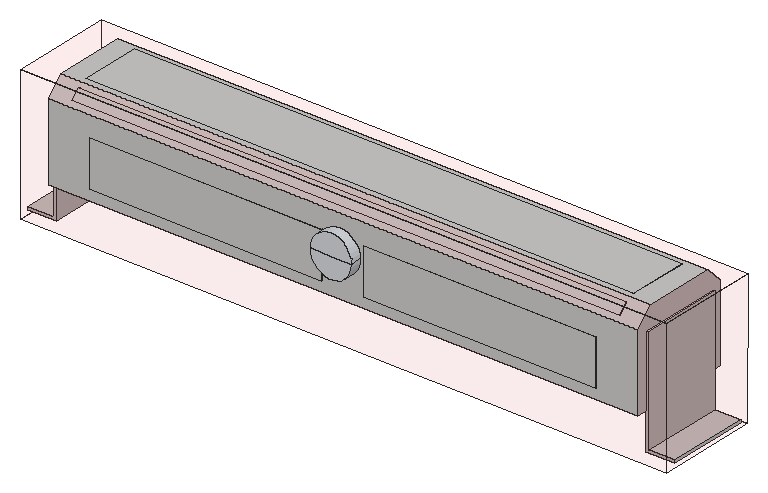
Revit family "Air-Curtain_Window-PassThru_PoweredAire_PTW", category Mechanical Equipment, host Face, Revit 2019
Family settings
  Host = Face
  Round Connector Dimension = Use Diameter
  Part Type = Normal
  OmniClass Number = 23.75.35.17.21
  OmniClass Title = Air Curtains
  Cut with Voids When Loaded = No
  Shared = No
  Room Calculation Point = No
Parameters (values of type "Elec Heat")
  Warranty Duration (Years) = 0
  Mounting Above Unit [instance] = not(Mounting Behind Unit)  # no
  Unit Width Notes = "Other Widths available."  # constant formula
  Unit Width = 2' - 7 1/4"
  Unit Weight = 21
  Unit Height = 0' - 4 15/16"
  Unit Depth = 0' - 4 1/2"
  URL = "http://www.poweredaire.com/"
  Test Data = ""
  Standards Conformance = "ETL  ;  Made in USA"
  Specification = "http://www.arcat.com/sdspecs/htm04/23_34_33pai.htm"
  SpecWizard = ""
  Sound Pressure = "50 dBA"
  Sales Information = "http://www.poweredaire.com/contact_us"
  Revision = "R1_2016-08"
  Projection from Host [instance] = 0' - 2"
  Product Properties = ""
  Product Data = "http://www.arcat.com/arcatcos/cos47/arc47623.html"
  Power Rating = 107 W
  Nozzle Width = if(1 = 1, Unit Width - 0' 1", 0' 0")  # 2' - 6 1/4"
  Mounting Width = if(1 = 1, Unit Width - 0' 0 15/16", 0' 0")  # 2' - 6 5/16"
  Mounting Height [instance] = 3' - 6"
  Mounting Behind Unit [instance] = yes
  Model = "PTW-24E"
  Max Height = 3' - 6"
  Manufacturer Website = "http://www.poweredaire.com/"
  Manufacturer Phone - Toll Free = "888-321-2473"
  Manufacturer Phone = "724-588-3305"
  Manufacturer Fax = "724-588-3371"
  Manufacturer Address = "109 Mortensen Rd.  Greenville, PA 16125"
  Manufacturer = "Powered Aire, Inc"
  Maintenance Schedule (Months) = 0
  Keynote = "23 34 33"
  Installation-Fabrication = ""
  Installation Phase = ""
  Include Clearance [instance] = yes
  Heating Element Load = 1200 W
  HVAC_Temperature Rise = 11 °F
  HVAC_Outlet Volume = 360 CFM
  HVAC_Outlet Velocity Uniformity = 0
  HVAC_Outlet Velocity = 1700 FPM
  Green Building-LEED = "http://www.arcat.com/green/clients/leed_data_47623.html"
  Front Grating Material [instance] = Metal - Steel - PoweredAire - Stainless 304 Perforated
  Frame Finish [instance] = Metal - Steel - PoweredAire - Stainless 304
  Expected Lifespan (Years) = 0
  Electrical_Wattage [instance] = Power Rating + Heating Element Load  # 1307 W
  Electrical_Voltage = 120 V
  Electrical_Phase [instance] = 1
  Electrical_Frequency [instance] = 0 Hz
  Electrical_Amperage = 11.2 A
  Drawn By = "Sumex Design, Inc. / Robert S. Weygant, CSI, CDT, SCIP"
  Description = "Powered Aire Electrically Heated PassThru Window Air Curtain - PTW-24E as Specified"
  Default Elevation = 0' - 0"  # constant formula
  Copyright = "©Arcat Inc."
  Construction Details = "http://www.arcat.com/details/powair/prod3336.html"
  Clearance_Top [instance] = 0' - 0"
  Clearance_Side B [instance] = 0' - 0"
  Clearance_Side A [instance] = 0' - 0"
  Clearance_Intake [instance] = 0' - 0"
  Clearance_Bottom [instance] = 0' - 0"
  Clearance Material [instance] = ARCAT Clearance
  Building Codes = ""
  Available Options [instance] = "as Specified"
  Assembly Code = "D3090400"
Types (2): name | Unit Width | Unit Weight | Nozzle Width | Mounting Width | Model | Heating Element Load | HVAC_Temperature Rise | Electrical_Wattage | Electrical_Amperage | Description
  Elec Heat | 2' - 7 1/4" | 21 | 2' - 6 1/4" | 2' - 6 5/16" | "PTW-24E" | 1200 W | 11 °F | 1307 W | 11.2 A | "Powered Aire Electrically Heated PassThru Window Air Curtain - PTW-24E as Specified"
  Unheated | 2' - 5 1/4" | 13 | 2' - 4 1/4" | 2' - 4 5/16" | "PTW-24" | 0 W | 0 °F | 107 W | 1.7 A | "Powered Aire Unheated PassThru Window Air Curtain - PTW-24 as Specified"
Reference planes (in)
  plane 1 "Center (Elevation)": y = 0.13818
  plane 2: z = 0
  plane 3 "Center (Left/Right)": x = 0
  plane 4: y = 2.60693
  plane 5: y = -2.33057
  plane 6: x = -15.625
  plane 7: x = 15.625
  plane 8: z = 6.5
  plane 9 "FF": y = -41.86182
  plane 10: z = 2
  plane 11: x = 14.25
  plane 12: x = -14.25
  plane 13: y = 2.60693
  plane 14: y = -2.33057
  plane 15: x = -15.625
  plane 16: x = 15.625
  plane 17: z = 6.5
  plane 18: z = 4.25
Forms (in)
  Extrusion 1, solid, material "ARCAT Clearance" <- "Clearance Material", visible <- "Include Clearance"
    sketch origin (0, 0, 0) x (0, 1, 0) y (0, 0, 1)
      loop
        line (-2.33057, 6.5) -> (-2.33057, 0) -> (2.60693, 0) -> (2.60693, 6.5) -> (-2.33057, 6.5)
    from -15.625 to 15.625
  Extrusion 2, solid, material "Metal - Steel - PoweredAire - Stainless 304" <- "Frame Finish"
    sketch origin (0, 0, 0) x (0, 1, 0) y (0, 0, 1)
      loop
        line (-2.33057, 2) -> (2.60693, 2) -> (2.60693, 5.75) -> (1.85693, 6.5) -> (-1.58057, 6.5) -> (-2.33057, 5.75) -> (-2.33057, 2)
    from -14.25 to 14.25
  Extrusion 3, solid, material "Metal - Steel - PoweredAire - Stainless 304" <- "Frame Finish", visible <- "Mounting Behind Unit"
    sketch origin (0, 0.13818, 0) x (1, 0, 0) y (0, 0, 1)
      loop
        line (-14.25, 5.5) -> (-14.375, 5.5) -> (-14.375, 0.375) -> (-15.625, 0.375) -> (-15.625, 0.25) -> (-14.25, 0.25) -> (-14.25, 5.5)
      loop
        line (14.25, 5.5) -> (14.25, 0.25) -> (15.625, 0.25) -> (15.625, 0.375) -> (14.375, 0.375) -> (14.375, 5.5) -> (14.25, 5.5)
    from 2 to -2
  Extrusion 4, solid, material "Metal - Steel - PoweredAire - Stainless 304" <- "Frame Finish", visible <- "Mounting Above Unit"
    sketch origin (0, 4.38818, 4.23682) x (0, -1, 0) y (1, 0, 0)
      loop
        line (5.5, -14.25) -> (0.25, -14.25) -> (0.25, -15.625) -> (0.375, -15.625) -> (0.375, -14.375) -> (5.5, -14.375) -> (5.5, -14.25)
      loop
        line (5.5, 14.25) -> (5.5, 14.375) -> (0.375, 14.375) -> (0.375, 15.625) -> (0.25, 15.625) -> (0.25, 14.25) -> (5.5, 14.25)
    from 2 to -2
  Extrusion 5, solid, material "Metal - Steel - PoweredAire - Stainless 304 Perforated" <- "Front Grating Material"
    sketch origin (0, 1.60693, 6.5) x (0, -1, 0) y (1, 0, 0)
      loop
        line (2.9375, 13.25) -> (0, 13.25) -> (0, -13.25) -> (2.9375, -13.25) -> (2.9375, 13.25)
    from 0 to 0.03125
  Extrusion 6, solid, material "Metal - Steel - PoweredAire - Stainless 304 Perforated" <- "Front Grating Material"
    sketch origin (0, 2.98193, 5.375) x (0, -0.707107, 0.707107) y (1, 0, 0)
      loop
        line (0.78033, -13.25) -> (1.34099, -13.25) -> (1.34099, 13.25) -> (0.78033, 13.25) -> (0.78033, -13.25)
    from 0 to 0.03125
  Extrusion 7, solid, material "Metal - Steel - PoweredAire - Stainless 304 Perforated" <- "Front Grating Material"
    sketch origin (0, -2.64307, 5.4375) x (0, 0.707107, 0.707107) y (-1, 0, 0)
      loop
        line (1.2526, 13.25) -> (0.69194, 13.25) -> (0.69194, -13.25) -> (1.2526, -13.25) -> (1.2526, 13.25)
    from 0 to 0.03125
  Extrusion 8, solid, material "Metal - Steel - PoweredAire - Stainless 304 Perforated" <- "Front Grating Material"
    sketch origin (0, -2.33057, 2) x (0, 0, 1) y (-1, 0, 0)
      loop
        line (2.75, 12.25) -> (0.5, 12.25) -> (0.5, 1) -> (2.75, 1) -> (2.75, 12.25)
      loop
        line (0.5, -12.25) -> (2.75, -12.25) -> (2.75, -1) -> (0.5, -1) -> (0.5, -12.25)
    from 0 to 0.03125
  Revolve 9, solid
    sketch origin (0, -3.61244, 4.25) x (0, -1, 0) y (1, 0, 0)
      loop
        line (-1.28187, 0) -> (-1.28187, -0.25) -> (-1.04725, -0.25) -> (-1.04725, -1) -> (-0.53187, -1) -> (-0.53187, 0) -> (-1.28187, 0)
      axis (-1.28187, 0) -> (-0.53187, 0)
    angle from 0 to 360
Dimensions and locks (in)
  equal spacing: plane 4, plane 1 "Center (Elevation)", plane 5
  "Unit Height": plane 4 to plane 5
  equal spacing: plane 6, plane 3 "Center (Left/Right)", plane 7
  "Unit Width": plane 6 to plane 7
  "Mounting Height": plane 1 "Center (Elevation)" to plane 9 "FF"
  "Projection from Host": plane 10 to level
  "Unit Depth": plane 8 to plane 10
  locked: plane 6 to plane 12 at 1.375
  locked: plane 11 to plane 7 at 1.375
  "Clearance_Side A": plane 7 to plane 16
  "Clearance_Side B": plane 15 to plane 6
  "Clearance_Top": plane 13 to plane 4
  "Clearance_Bottom": plane 5 to plane 14
  "Clearance_Intake": plane 17 to plane 8
  Extrusion 4 sketch curve to Extrusion 4 sketch curve to Extrusion 4 sketch curve to plane 5 = 0' - 0 1/8" locked, 0' - 5 1/8" locked, 0' - 1 7/32" locked  (x2)
  plane 8 to Extrusion 3 sketch curve to Extrusion 3 sketch curve to Extrusion 3 sketch curve = 0' - 1" locked, 0' - 5 1/8" locked, 0' - 0 1/8" locked  (x2)
  plane 12 to Extrusion 3 sketch curve to Extrusion 3 sketch curve to Extrusion 3 sketch curve = 0' - 0" locked, 0' - 0 1/8" locked, 0' - 1 1/4" locked
  Extrusion 3 sketch curve to Extrusion 3 sketch curve to plane 11 to Extrusion 3 sketch curve = 0' - 1 1/4" locked, 0' - 0 1/8" locked, 0' - 0" locked
  plane 11 to Extrusion 4 sketch curve to Extrusion 4 sketch curve to Extrusion 4 sketch curve = 0' - 0" locked, 0' - 0 1/8" locked, 0' - 1 1/4" locked
  Extrusion 4 sketch curve to Extrusion 4 sketch curve to plane 12 to Extrusion 4 sketch curve = 0' - 1 1/4" locked, 0' - 0 1/8" locked, 0' - 0" locked
  locked: plane 3 "Center (Left/Right)" to Extrusion 8 sketch curve at 1
  locked: Extrusion 8 sketch curve to plane 3 "Center (Left/Right)" at 1
  locked: Extrusion 8 sketch curve to plane 12 at 2
  locked: plane 11 to Extrusion 8 sketch curve at 2
  equal spacing: plane 8, plane 18, plane 10
  aligned and locked: plane 2 to host face
  aligned and locked: level to host face
  aligned and locked: Extrusion 1 sketch curve to plane 17
  aligned and locked: plane 14 to Extrusion 1 sketch curve
  aligned and locked: level to Extrusion 1 sketch curve
  aligned and locked: Extrusion 1 sketch curve to plane 13
  aligned and locked: plane 16 to Extrusion 1
  aligned and locked: Extrusion 1 to plane 15
  aligned and locked: Extrusion 2 to plane 12
  aligned and locked: plane 11 to Extrusion 2
Automatic sketch dimensions
  host sketch curve to host sketch curve = 8' - 0"  (x2)
  Extrusion 2 sketch curve to plane 5 = 0' - 0"
  Extrusion 2 sketch curve to plane 8 = 0' - 0"
  Extrusion 2 sketch curve to plane 4 = 0' - 0"
  Extrusion 2 sketch curve to plane 10 = 0' - 0"
  plane 5 to Extrusion 2 sketch curve = 0' - 0 3/4"
  Extrusion 2 sketch curve to plane 4 = 0' - 0 3/4"
  Extrusion 2 sketch curve to plane 8 = 0' - 0 3/4"  (x2)
  Extrusion 2 to Extrusion 5 sketch curve = 0' - 1"  (x2)
  Extrusion 2 to Extrusion 5 sketch curve = 0' - 0 1/4"
  Extrusion 5 sketch curve to Extrusion 2 = 0' - 0 1/4"
  Extrusion 2 to Extrusion 6 sketch curve = 0' - 1"  (x2)
  Extrusion 2 to Extrusion 6 sketch curve = 0' - 0 1/4"
  Extrusion 6 sketch curve to Extrusion 2 = 0' - 0 1/4"
  Extrusion 2 to Extrusion 7 sketch curve = 0' - 1"  (x2)
  Extrusion 2 to Extrusion 7 sketch curve = 0' - 0 1/4"  (x2)
  Extrusion 8 sketch curve to Extrusion 2 = 0' - 0 1/2"  (x2)
  Extrusion 8 sketch curve to Extrusion 2 = 0' - 1"  (x2)
  Revolve 9 sketch curve to plane 3 "Center (Left/Right)" = 0' - 0"  (x2)
  Revolve 9 sketch curve to plane 5 = 0' - 0"
  Revolve 9 sketch curve to plane 5 = 0' - 0.23461"
  Revolve 9 sketch curve to Revolve 9 sketch curve = 0' - 0.51539"
  Revolve 9 sketch curve to Revolve 9 sketch curve = 0' - 0 1/4"
  Revolve 9 sketch curve to Revolve 9 sketch curve = 0' - 0 3/4"
  plane 1 "Center (Elevation)" to Revolve 9 sketch curve = 0' - 0 7/32"
  plane 14 to Revolve 9 sketch curve = 0' - 0 1/2"
